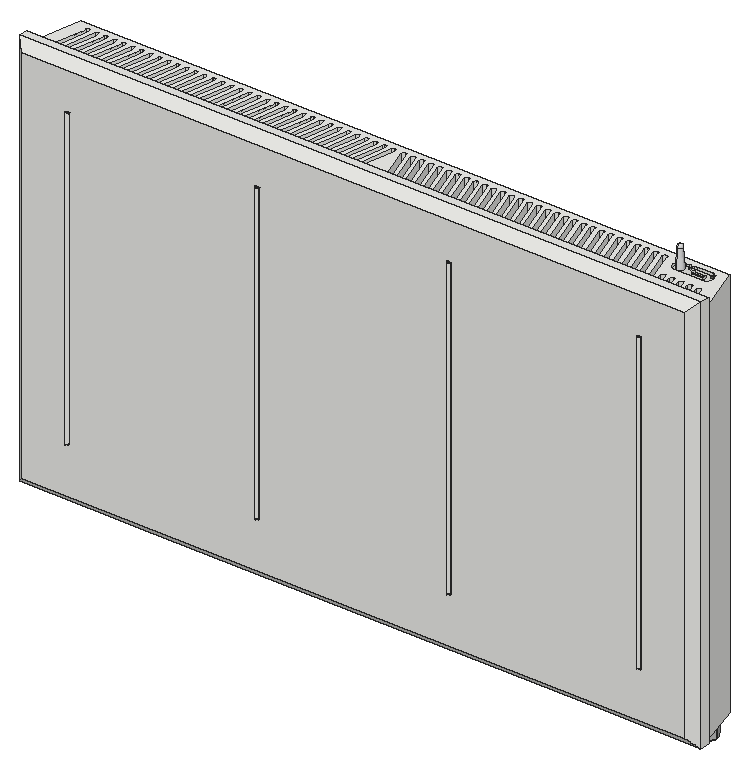
Revit family "MDN 750 RF", category Mechanical Equipment, Revit 2018 (continued)
Forms (mm)
  Extrusion 69, void
    sketch origin (0, 0, 0) x (1, 0, 0) y (0, 1, 0)
      loop
        circle (264, 21) r 2
      loop
        circle (-264, -13) r 2
      loop
        circle (-286, -13) r 2
      loop
        circle (-264, 21) r 2
      loop
        circle (-286, 21) r 2
    from 2 to 7
  Extrusion 70, solid, material "Zwart" <- "Zwart"
    sketch origin (0, 0, 0) x (1, 0, 0) y (0, 1, 0)
      loop
        circle (357, -0.5) r 7
    from 0.5 to 2
  Extrusion 71, solid, material "Metaal" <- "Beugel"
    sketch origin (0, 0, 0) x (1, 0, 0) y (0, 0, 1)
      loop
        line (-201, 412) -> (-201, 402) -> (-222, 402) -> (-222, 367) -> (-22, 367) -> (-22, 32) -> (22, 32) -> (22, 367) -> (222, 367) -> (222, 402) -> (201, 402) -> (201, 412) -> (-201, 412)
      loop
        arc (-3, 51) -> (0, 42) -> (3, 51) r 5
        line (3, 51) -> (3, 62)
        arc (3, 62) -> (0, 65) -> (-3, 62) r 3
        line (-3, 62) -> (-3, 51)
      loop
        arc (-210, 381) -> (-207, 372) -> (-204, 381) r 5
        line (-204, 381) -> (-204, 392)
        arc (-204, 392) -> (-207, 395) -> (-210, 392) r 3
        line (-210, 392) -> (-210, 381)
      loop
        arc (204, 381) -> (207, 372) -> (210, 381) r 5
        line (210, 381) -> (210, 392)
        arc (210, 392) -> (207, 395) -> (204, 392) r 3
        line (204, 392) -> (204, 381)
    from -50.5 to -35.5
  Extrusion 72, void
    sketch origin (0, 0, 0) x (0, 1, 0) y (0, 0, 1)
      loop
        line (50.5, 412) -> (44.5, 412) -> (50.5, 402) -> (50.5, 412)
    from -201 to 201
  Extrusion 73, void
    sketch origin (0, 0, 0) x (0, 1, 0) y (0, 0, 1)
      loop
        line (35.5, 412) -> (35.5, 32.8) -> (49.7, 32.8) -> (49.7, 401.778) -> (43.567, 412) -> (35.5, 412)
    from -221.2 to 221.2
  Blend 74, void
    base sketch origin (0, 0, 0) x (1, 0, 0) y (0, 0, 1)
      loop
        line (314, 388) -> (314, 62) -> (315, 62) -> (315, 388) -> (314, 388)
    top sketch origin (0, 0, 0) x (1, 0, 0) y (0, 0, 1)
      loop
        arc (312, 390) -> (311.293, 389.707) -> (311, 389) r 1
        line (311, 389) -> (311, 61)
        arc (311, 61) -> (311.293, 60.293) -> (312, 60) r 1
        line (312, 60) -> (317, 60)
        arc (317, 60) -> (317.707, 60.293) -> (318, 61) r 1
        line (318, 61) -> (318, 389)
        arc (318, 389) -> (317.707, 389.707) -> (317, 390) r 1
        line (317, 390) -> (312, 390)
    from 34 to 36
  Extrusion 75, void
    sketch origin (0, 0, 0) x (1, 0, 0) y (0, 1, 0)
      loop
        line (343.382, 29.5) -> (313.382, 29.5)
        arc (313.382, 29.5) -> (306.382, 22.5) -> (313.382, 15.5) r 7
        line (313.382, 15.5) -> (343.382, 15.5)
        arc (343.382, 15.5) -> (350.382, 22.5) -> (343.382, 29.5) r 7
    from 425 to 435
Cuts and joins
  Sweep 2, Blend 3, Blend 4, Blend 5, Extrusion 10, Extrusion 11, Blend 74 cuts Extrusion 1
  Extrusion 7, Extrusion 8, Extrusion 9, Extrusion 12, Revolve 13, Revolve 14, Revolve 15, Revolve 16, Revolve 17, Revolve 18, Revolve 19, Revolve 20, Revolve 21, Revolve 22, Revolve 23, Revolve 24, Revolve 25, Revolve 26, Revolve 27, Revolve 28, Revolve 29, Revolve 30, Revolve 31, Revolve 32, Revolve 33, Revolve 34, Revolve 35, Revolve 36, Revolve 37, Revolve 38, Revolve 39, Revolve 40, Revolve 41, Revolve 42, Revolve 43, Revolve 44, Revolve 45, Revolve 46, Revolve 47, Revolve 48, Revolve 49, Revolve 50, Revolve 51, Revolve 52, Revolve 53, Revolve 54, Revolve 55, Revolve 56, Revolve 57, Revolve 58, Revolve 59, Revolve 60, Revolve 61, Revolve 62, Revolve 63, Revolve 64, Revolve 65, Revolve 66, Revolve 67, Revolve 68, Extrusion 69, Extrusion 75 cuts Extrusion 6
  Extrusion 72, Extrusion 73 cuts Extrusion 71
Lines and regions (mm)
  sketch lines
    curve 1: line (375, -35.5, 440) -> (-375, -35.5, 440)
    curve 2: line (375, -35.5, 0) -> (375, -35.5, 440)
    curve 3: line (-375, -35.5, 0) -> (375, -35.5, 0)
    curve 4: line (-375, -35.5, 440) -> (-375, -35.5, 0)
Dimensions and locks
  equal spacing: plane 8, plane 1 "Center (Front/Back)", plane 7
  "Diepte": plane 8 to plane 7
  equal spacing: plane 5, plane 3 "Center (Left/Right)", plane 4
  "Breedte": plane 5 to plane 4
  "Hoogte": plane 6 to level
  aligned and locked: level to plane 2
  aligned and locked: profile plane to Sweep 2 sketch curve  (x2)
Automatic sketch dimensions
  Extrusion 1 sketch curve to level = 0 mm
  Extrusion 1 sketch curve to plane 5 = 0 mm
  Extrusion 1 sketch curve to plane 4 = 0 mm
  Extrusion 1 sketch curve to plane 6 = 0 mm
  profile plane to Sweep 2 sketch curve = 10 mm
  Sweep 2 sketch curve to profile plane = 10 mm
  plane 5 to Blend 3 sketch curve = 60 mm
  Blend 3 sketch curve to Blend 3 sketch curve = 1 mm  (x4)
  plane 13 to Blend 3 sketch curve = 30 mm
  Blend 3 sketch curve to plane 9 = 14 mm
  plane 5 to Blend 3 sketch curve = 57 mm
  Blend 3 sketch curve to Blend 3 sketch curve = 5 mm  (x2)
  plane 13 to Blend 3 sketch curve = 28 mm
  Blend 3 sketch curve to plane 9 = 13 mm
  plane 13 to Blend 4 sketch curve = 30 mm
  Blend 4 sketch curve to plane 17 = 84 mm
  Blend 4 sketch curve to Blend 4 sketch curve = 1 mm  (x4)
  Blend 4 sketch curve to plane 9 = 14 mm
  plane 13 to Blend 4 sketch curve = 29 mm
  Blend 4 sketch curve to plane 17 = 87 mm
  Blend 4 sketch curve to Blend 4 sketch curve = 5 mm  (x2)
  Blend 4 sketch curve to plane 9 = 13 mm
  plane 13 to Blend 5 sketch curve = 30 mm
  plane 18 to Blend 5 sketch curve = 83 mm
  Blend 5 sketch curve to Blend 5 sketch curve = 1 mm  (x4)
  Blend 5 sketch curve to plane 9 = 14 mm
  plane 18 to Blend 5 sketch curve = 80 mm
  Blend 5 sketch curve to Blend 5 sketch curve = 5 mm  (x2)
  plane 13 to Blend 5 sketch curve = 28 mm
  Blend 5 sketch curve to plane 9 = 13 mm
  Extrusion 6 sketch curve to plane 7 = 0 mm
  level to Extrusion 6 sketch curve = 2 mm
  Extrusion 6 sketch curve to plane 8 = 10 mm
  Extrusion 6 sketch curve to plane 6 = 11.98 mm
  Extrusion 6 sketch curve to plane 6 = 6 mm
  plane 7 to Extrusion 7 sketch curve = 0 mm
  Extrusion 7 sketch curve to plane 4 = 17.592 mm
  Extrusion 7 sketch curve to plane 4 = 2 mm
  plane 1 "Center (Front/Back)" to Extrusion 7 sketch curve = 15.5 mm
  plane 7 to Extrusion 8 sketch curve = 0 mm
  Extrusion 8 sketch curve to plane 5 = 17.592 mm
  Extrusion 8 sketch curve to plane 5 = 2 mm
  Extrusion 8 sketch curve to plane 1 "Center (Front/Back)" = 15.5 mm
  Extrusion 10 sketch curve to plane 8 = 10 mm
  plane 12 to Extrusion 10 sketch curve = 31 mm
  plane 1 "Center (Front/Back)" to Extrusion 10 sketch curve = 15.5 mm
  Extrusion 10 sketch curve to Extrusion 10 sketch curve = 44 mm
  plane 8 to Extrusion 11 sketch curve = 10 mm
  plane 11 to Extrusion 11 sketch curve = 31 mm
  Extrusion 11 sketch curve to plane 1 "Center (Front/Back)" = 15.5 mm
  Extrusion 11 sketch curve to Extrusion 11 sketch curve = 44 mm
  plane 5 to Extrusion 12 sketch curve = 25 mm
  Extrusion 12 sketch curve to Extrusion 12 sketch curve = 2.5 mm  (x57)
  Extrusion 12 sketch curve to Extrusion 12 sketch curve = 5 mm  (x48)
  Extrusion 12 sketch curve to plane 11 = 25.033 mm
  Extrusion 12 sketch curve to Extrusion 12 sketch curve = 2.266 mm
  plane 11 to Extrusion 12 sketch curve = 4.5 mm
  plane 14 to Extrusion 12 sketch curve = 3.5 mm
  plane 17 to Extrusion 12 sketch curve = 4.5 mm
  plane 3 "Center (Left/Right)" to Extrusion 12 sketch curve = 2.5 mm
  plane 18 to Extrusion 12 sketch curve = 0.5 mm
  plane 15 to Extrusion 12 sketch curve = 1.5 mm
  plane 12 to Extrusion 12 sketch curve = 0.5 mm
  plane 1 "Center (Front/Back)" to Extrusion 12 sketch curve = 9 mm  (x31)
  Extrusion 12 sketch curve to Extrusion 12 sketch curve = 57.5 mm
  Extrusion 12 sketch curve to Extrusion 12 sketch curve = 0 mm  (x76)
  Extrusion 12 sketch curve to plane 1 "Center (Front/Back)" = 16 mm  (x9)
  plane 7 to Revolve 13 sketch curve = 0 mm  (x2)
  plane 5 to Revolve 13 sketch curve = 30 mm
  Revolve 13 sketch curve to Revolve 13 sketch curve = 2.5 mm  (x3)
  plane 7 to Revolve 13 sketch curve = 12.5 mm
  plane 7 to Revolve 14 sketch curve = 0 mm  (x2)
  plane 5 to Revolve 14 sketch curve = 20 mm
  Revolve 14 sketch curve to Revolve 14 sketch curve = 2.5 mm  (x3)
  plane 7 to Revolve 14 sketch curve = 12.5 mm
  plane 7 to Revolve 15 sketch curve = 0 mm  (x2)
  plane 7 to Revolve 15 sketch curve = 12.5 mm
  plane 5 to Revolve 15 sketch curve = 40 mm
  Revolve 15 sketch curve to Revolve 15 sketch curve = 2.5 mm  (x3)
  plane 7 to Revolve 16 sketch curve = 0 mm  (x2)
  plane 7 to Revolve 16 sketch curve = 12.5 mm
  plane 5 to Revolve 16 sketch curve = 60 mm
  Revolve 16 sketch curve to Revolve 16 sketch curve = 2.5 mm  (x3)
  plane 7 to Revolve 17 sketch curve = 0 mm  (x2)
  plane 7 to Revolve 17 sketch curve = 12.5 mm
  plane 5 to Revolve 17 sketch curve = 50 mm
  Revolve 17 sketch curve to Revolve 17 sketch curve = 2.5 mm  (x3)
  plane 7 to Revolve 18 sketch curve = 0 mm  (x2)
  plane 7 to Revolve 18 sketch curve = 12.5 mm
  Revolve 18 sketch curve to plane 4 = 60 mm
  Revolve 18 sketch curve to Revolve 18 sketch curve = 2.5 mm  (x3)
  plane 7 to Revolve 19 sketch curve = 0 mm  (x2)
  plane 7 to Revolve 19 sketch curve = 12.5 mm
  Revolve 19 sketch curve to plane 4 = 50 mm
  Revolve 19 sketch curve to Revolve 19 sketch curve = 2.5 mm  (x3)
  plane 7 to Revolve 20 sketch curve = 0 mm  (x2)
  Revolve 20 sketch curve to plane 11 = 10.5 mm
  Revolve 20 sketch curve to Revolve 20 sketch curve = 2.5 mm  (x3)
  plane 7 to Revolve 20 sketch curve = 12.5 mm
  plane 7 to Revolve 21 sketch curve = 0 mm  (x2)
  Revolve 21 sketch curve to plane 11 = 20.5 mm
  Revolve 21 sketch curve to Revolve 21 sketch curve = 2.5 mm  (x3)
  plane 7 to Revolve 21 sketch curve = 12.5 mm
  plane 7 to Revolve 22 sketch curve = 0 mm  (x2)
  Revolve 22 sketch curve to plane 11 = 0.5 mm
  plane 11 to Revolve 22 sketch curve = 2 mm
  plane 7 to Revolve 22 sketch curve = 12.5 mm
  Revolve 22 sketch curve to Revolve 22 sketch curve = 2.5 mm  (x2)
  plane 7 to Revolve 23 sketch curve = 0 mm  (x2)
  Revolve 23 sketch curve to plane 14 = 1.5 mm
  plane 14 to Revolve 23 sketch curve = 1 mm
  plane 7 to Revolve 23 sketch curve = 12.5 mm
  Revolve 23 sketch curve to Revolve 23 sketch curve = 2.5 mm  (x2)
  plane 7 to Revolve 24 sketch curve = 0 mm  (x2)
  plane 11 to Revolve 24 sketch curve = 9.5 mm
  Revolve 24 sketch curve to Revolve 24 sketch curve = 2.5 mm  (x3)
  plane 7 to Revolve 24 sketch curve = 12.5 mm
  plane 7 to Revolve 25 sketch curve = 0 mm  (x2)
  plane 14 to Revolve 25 sketch curve = 18.5 mm
  Revolve 25 sketch curve to Revolve 25 sketch curve = 2.5 mm  (x3)
  plane 7 to Revolve 25 sketch curve = 12.5 mm
  plane 7 to Revolve 26 sketch curve = 0 mm  (x2)
  plane 14 to Revolve 26 sketch curve = 8.5 mm
  Revolve 26 sketch curve to Revolve 26 sketch curve = 2.5 mm  (x3)
  plane 7 to Revolve 26 sketch curve = 12.5 mm
  plane 7 to Revolve 27 sketch curve = 0 mm  (x2)
  plane 14 to Revolve 27 sketch curve = 28.5 mm
  Revolve 27 sketch curve to Revolve 27 sketch curve = 2.5 mm  (x3)
  plane 7 to Revolve 27 sketch curve = 12.5 mm
  plane 7 to Revolve 28 sketch curve = 0 mm  (x2)
  plane 7 to Revolve 28 sketch curve = 12.5 mm
  plane 14 to Revolve 28 sketch curve = 48.5 mm
  Revolve 28 sketch curve to Revolve 28 sketch curve = 2.5 mm  (x3)
  plane 7 to Revolve 29 sketch curve = 0 mm  (x2)
  plane 7 to Revolve 29 sketch curve = 12.5 mm
  plane 14 to Revolve 29 sketch curve = 38.5 mm
  Revolve 29 sketch curve to Revolve 29 sketch curve = 2.5 mm  (x3)
  plane 7 to Revolve 30 sketch curve = 0 mm  (x2)
  plane 7 to Revolve 30 sketch curve = 12.5 mm
  plane 14 to Revolve 30 sketch curve = 68.5 mm
  Revolve 30 sketch curve to Revolve 30 sketch curve = 2.5 mm  (x3)
  plane 7 to Revolve 31 sketch curve = 0 mm  (x2)
  plane 7 to Revolve 31 sketch curve = 12.5 mm
  plane 14 to Revolve 31 sketch curve = 58.5 mm
  Revolve 31 sketch curve to Revolve 31 sketch curve = 2.5 mm  (x3)
  plane 7 to Revolve 32 sketch curve = 0 mm  (x2)
  plane 7 to Revolve 32 sketch curve = 12.5 mm
  plane 14 to Revolve 32 sketch curve = 78.5 mm
  Revolve 32 sketch curve to Revolve 32 sketch curve = 2.5 mm  (x3)
  plane 7 to Revolve 33 sketch curve = 0 mm  (x2)
  plane 7 to Revolve 33 sketch curve = 12.5 mm
  Revolve 33 sketch curve to plane 17 = 80.5 mm
  Revolve 33 sketch curve to Revolve 33 sketch curve = 2.5 mm  (x3)
  plane 7 to Revolve 34 sketch curve = 0 mm  (x2)
  plane 7 to Revolve 34 sketch curve = 12.5 mm
  plane 14 to Revolve 34 sketch curve = 88.5 mm
  Revolve 34 sketch curve to Revolve 34 sketch curve = 2.5 mm  (x3)
  plane 7 to Revolve 35 sketch curve = 0 mm  (x2)
  plane 7 to Revolve 35 sketch curve = 12.5 mm
  Revolve 35 sketch curve to plane 17 = 60.5 mm
  Revolve 35 sketch curve to Revolve 35 sketch curve = 2.5 mm  (x3)
  plane 7 to Revolve 36 sketch curve = 0 mm  (x2)
  plane 7 to Revolve 36 sketch curve = 12.5 mm
  Revolve 36 sketch curve to plane 17 = 70.5 mm
  Revolve 36 sketch curve to Revolve 36 sketch curve = 2.5 mm  (x3)
  plane 7 to Revolve 37 sketch curve = 0 mm  (x2)
  plane 7 to Revolve 37 sketch curve = 12.5 mm
  Revolve 37 sketch curve to plane 17 = 50.5 mm
  Revolve 37 sketch curve to Revolve 37 sketch curve = 2.5 mm  (x3)
  plane 7 to Revolve 38 sketch curve = 0 mm  (x2)
  Revolve 38 sketch curve to plane 17 = 30.5 mm
  Revolve 38 sketch curve to Revolve 38 sketch curve = 2.5 mm  (x3)
  plane 7 to Revolve 38 sketch curve = 12.5 mm
  plane 7 to Revolve 39 sketch curve = 0 mm  (x2)
  plane 7 to Revolve 39 sketch curve = 12.5 mm
  Revolve 39 sketch curve to plane 17 = 40.5 mm
  Revolve 39 sketch curve to Revolve 39 sketch curve = 2.5 mm  (x3)
  plane 7 to Revolve 40 sketch curve = 0 mm  (x2)
  Revolve 40 sketch curve to plane 17 = 10.5 mm
  Revolve 40 sketch curve to Revolve 40 sketch curve = 2.5 mm  (x3)
  plane 7 to Revolve 40 sketch curve = 12.5 mm
  plane 7 to Revolve 41 sketch curve = 0 mm  (x2)
  Revolve 41 sketch curve to plane 17 = 20.5 mm
  Revolve 41 sketch curve to Revolve 41 sketch curve = 2.5 mm  (x3)
  plane 7 to Revolve 41 sketch curve = 12.5 mm
  plane 7 to Revolve 42 sketch curve = 0 mm  (x2)
  Revolve 42 sketch curve to plane 17 = 0.5 mm
  plane 17 to Revolve 42 sketch curve = 2 mm
  plane 7 to Revolve 42 sketch curve = 12.5 mm
  Revolve 42 sketch curve to Revolve 42 sketch curve = 2.5 mm  (x2)
  plane 7 to Revolve 43 sketch curve = 0 mm  (x2)
  Revolve 43 sketch curve to plane 3 "Center (Left/Right)" = 0 mm
  Revolve 43 sketch curve to plane 3 "Center (Left/Right)" = 2.5 mm
  plane 7 to Revolve 43 sketch curve = 12.5 mm
  Revolve 43 sketch curve to Revolve 43 sketch curve = 2.5 mm  (x2)
  plane 7 to Revolve 44 sketch curve = 0 mm  (x2)
  plane 17 to Revolve 44 sketch curve = 9.5 mm
  Revolve 44 sketch curve to Revolve 44 sketch curve = 2.5 mm  (x3)
  plane 7 to Revolve 44 sketch curve = 12.5 mm
  plane 7 to Revolve 45 sketch curve = 0 mm  (x2)
  Revolve 45 sketch curve to plane 18 = 4.5 mm
  Revolve 45 sketch curve to plane 18 = 2 mm
  plane 7 to Revolve 45 sketch curve = 12.5 mm
  Revolve 45 sketch curve to Revolve 45 sketch curve = 2.5 mm  (x2)
  plane 7 to Revolve 46 sketch curve = 0 mm  (x2)
  plane 3 "Center (Left/Right)" to Revolve 46 sketch curve = 7.5 mm
  Revolve 46 sketch curve to Revolve 46 sketch curve = 2.5 mm  (x3)
  plane 7 to Revolve 46 sketch curve = 12.5 mm
  plane 7 to Revolve 47 sketch curve = 0 mm  (x2)
  plane 18 to Revolve 47 sketch curve = 5.5 mm
  Revolve 47 sketch curve to Revolve 47 sketch curve = 2.5 mm  (x3)
  plane 7 to Revolve 47 sketch curve = 12.5 mm
  plane 7 to Revolve 48 sketch curve = 0 mm  (x2)
  plane 18 to Revolve 48 sketch curve = 25.5 mm
  Revolve 48 sketch curve to Revolve 48 sketch curve = 2.5 mm  (x3)
  plane 7 to Revolve 48 sketch curve = 12.5 mm
  plane 7 to Revolve 49 sketch curve = 0 mm  (x2)
  plane 18 to Revolve 49 sketch curve = 15.5 mm
  Revolve 49 sketch curve to Revolve 49 sketch curve = 2.5 mm  (x3)
  plane 7 to Revolve 49 sketch curve = 12.5 mm
  plane 7 to Revolve 50 sketch curve = 0 mm  (x2)
  plane 7 to Revolve 50 sketch curve = 12.5 mm
  plane 18 to Revolve 50 sketch curve = 45.5 mm
  Revolve 50 sketch curve to Revolve 50 sketch curve = 2.5 mm  (x3)
  plane 7 to Revolve 51 sketch curve = 0 mm  (x2)
  plane 18 to Revolve 51 sketch curve = 35.5 mm
  Revolve 51 sketch curve to Revolve 51 sketch curve = 2.5 mm  (x3)
  plane 7 to Revolve 51 sketch curve = 12.5 mm
  plane 7 to Revolve 52 sketch curve = 0 mm  (x2)
  plane 7 to Revolve 52 sketch curve = 12.5 mm
  plane 18 to Revolve 52 sketch curve = 55.5 mm
  Revolve 52 sketch curve to Revolve 52 sketch curve = 2.5 mm  (x3)
  plane 7 to Revolve 53 sketch curve = 0 mm  (x2)
  plane 7 to Revolve 53 sketch curve = 12.5 mm
  plane 18 to Revolve 53 sketch curve = 75.5 mm
  Revolve 53 sketch curve to Revolve 53 sketch curve = 2.5 mm  (x3)
  plane 7 to Revolve 54 sketch curve = 0 mm  (x2)
  plane 7 to Revolve 54 sketch curve = 12.5 mm
  plane 18 to Revolve 54 sketch curve = 65.5 mm
  Revolve 54 sketch curve to Revolve 54 sketch curve = 2.5 mm  (x3)
  plane 7 to Revolve 55 sketch curve = 0 mm  (x2)
  plane 7 to Revolve 55 sketch curve = 12.5 mm
  Revolve 55 sketch curve to plane 15 = 83.5 mm
  Revolve 55 sketch curve to Revolve 55 sketch curve = 2.5 mm  (x3)
  plane 7 to Revolve 56 sketch curve = 0 mm  (x2)
  plane 7 to Revolve 56 sketch curve = 12.5 mm
  plane 18 to Revolve 56 sketch curve = 85.5 mm
  Revolve 56 sketch curve to Revolve 56 sketch curve = 2.5 mm  (x3)
  plane 7 to Revolve 57 sketch curve = 0 mm  (x2)
  plane 7 to Revolve 57 sketch curve = 12.5 mm
  Revolve 57 sketch curve to plane 15 = 73.5 mm
  Revolve 57 sketch curve to Revolve 57 sketch curve = 2.5 mm  (x3)
  plane 7 to Revolve 58 sketch curve = 0 mm  (x2)
  plane 7 to Revolve 58 sketch curve = 12.5 mm
  Revolve 58 sketch curve to plane 15 = 53.5 mm
  Revolve 58 sketch curve to Revolve 58 sketch curve = 2.5 mm  (x3)
  plane 7 to Revolve 59 sketch curve = 0 mm  (x2)
  plane 7 to Revolve 59 sketch curve = 12.5 mm
  Revolve 59 sketch curve to plane 15 = 63.5 mm
  Revolve 59 sketch curve to Revolve 59 sketch curve = 2.5 mm  (x3)
  plane 7 to Revolve 60 sketch curve = 0 mm  (x2)
  Revolve 60 sketch curve to plane 15 = 33.5 mm
  Revolve 60 sketch curve to Revolve 60 sketch curve = 2.5 mm  (x3)
  plane 7 to Revolve 60 sketch curve = 12.5 mm
  plane 7 to Revolve 61 sketch curve = 0 mm  (x2)
  plane 7 to Revolve 61 sketch curve = 12.5 mm
  Revolve 61 sketch curve to plane 15 = 43.5 mm
  Revolve 61 sketch curve to Revolve 61 sketch curve = 2.5 mm  (x3)
  plane 7 to Revolve 62 sketch curve = 0 mm  (x2)
  Revolve 62 sketch curve to plane 15 = 23.5 mm
  Revolve 62 sketch curve to Revolve 62 sketch curve = 2.5 mm  (x3)
  plane 7 to Revolve 62 sketch curve = 12.5 mm
  plane 7 to Revolve 63 sketch curve = 0 mm  (x2)
  Revolve 63 sketch curve to plane 15 = 3.5 mm
  Revolve 63 sketch curve to plane 15 = 1 mm
  plane 7 to Revolve 63 sketch curve = 12.5 mm
  Revolve 63 sketch curve to Revolve 63 sketch curve = 2.5 mm  (x2)
  plane 7 to Revolve 64 sketch curve = 0 mm  (x2)
  Revolve 64 sketch curve to plane 15 = 13.5 mm
  Revolve 64 sketch curve to Revolve 64 sketch curve = 2.5 mm  (x3)
  plane 7 to Revolve 64 sketch curve = 12.5 mm
  plane 7 to Revolve 65 sketch curve = 0 mm  (x2)
  Revolve 65 sketch curve to plane 12 = 4.5 mm
  Revolve 65 sketch curve to plane 12 = 2 mm
  plane 7 to Revolve 65 sketch curve = 12.5 mm
  Revolve 65 sketch curve to Revolve 65 sketch curve = 2.5 mm  (x2)
  plane 7 to Revolve 66 sketch curve = 0 mm  (x2)
  plane 15 to Revolve 66 sketch curve = 6.5 mm
  Revolve 66 sketch curve to Revolve 66 sketch curve = 2.5 mm  (x3)
  plane 7 to Revolve 66 sketch curve = 12.5 mm
  plane 7 to Revolve 67 sketch curve = 0 mm  (x2)
  plane 12 to Revolve 67 sketch curve = 5.5 mm
  Revolve 67 sketch curve to Revolve 67 sketch curve = 2.5 mm  (x3)
  plane 7 to Revolve 67 sketch curve = 12.5 mm
  plane 7 to Revolve 68 sketch curve = 0 mm  (x2)
  plane 12 to Revolve 68 sketch curve = 15.5 mm
  Revolve 68 sketch curve to Revolve 68 sketch curve = 2.5 mm  (x3)
  plane 7 to Revolve 68 sketch curve = 12.5 mm
  plane 1 "Center (Front/Back)" to Extrusion 69 sketch curve = 13 mm  (x4)
  Extrusion 69 sketch curve to plane 11 = 64 mm
  plane 7 to Extrusion 69 sketch curve = 14.5 mm  (x4)
  Extrusion 69 sketch curve to Extrusion 69 sketch curve = 0 mm  (x2)
  Extrusion 69 sketch curve to Extrusion 69 sketch curve = 22 mm  (x4)
  plane 12 to Extrusion 69 sketch curve = 42 mm
  plane 1 "Center (Front/Back)" to Extrusion 70 sketch curve = 0.5 mm
  Extrusion 70 sketch curve to plane 4 = 18 mm
  Extrusion 71 sketch curve to plane 11 = 0 mm
  Extrusion 71 sketch curve to plane 10 = 0 mm
  Extrusion 71 sketch curve to plane 14 = 0 mm
  Extrusion 71 sketch curve to plane 13 = 0 mm
  Extrusion 71 sketch curve to plane 17 = 0 mm
  Extrusion 71 sketch curve to plane 3 "Center (Left/Right)" = 0 mm  (x2)
  Extrusion 71 sketch curve to plane 18 = 0 mm
  Extrusion 71 sketch curve to plane 15 = 0 mm
  Extrusion 71 sketch curve to plane 12 = 0 mm
  Extrusion 71 sketch curve to plane 16 = 0 mm  (x2)
  Extrusion 71 sketch curve to plane 9 = 0 mm  (x2)
  Extrusion 71 sketch curve to plane 14 = 9 mm
  Extrusion 71 sketch curve to Extrusion 71 sketch curve = 3 mm  (x4)
  Extrusion 71 sketch curve to plane 3 "Center (Left/Right)" = 3 mm
  plane 15 to Extrusion 71 sketch curve = 3 mm
  plane 13 to Extrusion 71 sketch curve = 15 mm
  Extrusion 71 sketch curve to Extrusion 71 sketch curve = 4 mm  (x3)
  Extrusion 71 sketch curve to Extrusion 71 sketch curve = 11 mm
  plane 16 to Extrusion 71 sketch curve = 10 mm  (x2)
  Extrusion 71 sketch curve to plane 9 = 10 mm  (x2)
  Extrusion 72 sketch curve to plane 10 = 0 mm
  Extrusion 72 sketch curve to plane 9 = 0 mm
  Extrusion 72 sketch curve to plane 7 = 9 mm
  Extrusion 72 sketch curve to Extrusion 72 sketch curve = 6 mm
  Extrusion 73 sketch curve to plane 7 = 0 mm
  Extrusion 73 sketch curve to plane 10 = 0 mm
  Extrusion 73 sketch curve to plane 7 = 8.067 mm
  Extrusion 73 sketch curve to plane 9 = 0.222 mm
  Extrusion 73 sketch curve to Extrusion 73 sketch curve = 6.133 mm
  plane 13 to Extrusion 73 sketch curve = 0.8 mm
  plane 13 to Blend 74 sketch curve = 30 mm
  Blend 74 sketch curve to plane 4 = 61 mm
  Blend 74 sketch curve to Blend 74 sketch curve = 1 mm  (x4)
  Blend 74 sketch curve to plane 9 = 14 mm
  Blend 74 sketch curve to plane 4 = 64 mm
  Blend 74 sketch curve to Blend 74 sketch curve = 5 mm  (x2)
  plane 13 to Blend 74 sketch curve = 28 mm
  Blend 74 sketch curve to plane 9 = 13 mm
  plane 1 "Center (Front/Back)" to Extrusion 9 sketch curve = 6.378 mm  (x58)
  plane 5 to Extrusion 9 sketch curve = 19.789 mm
  Extrusion 9 sketch curve to Extrusion 9 sketch curve = 2.391 mm  (x270)
  plane 1 "Center (Front/Back)" to Extrusion 9 sketch curve = 7.84 mm  (x67)
  Extrusion 9 sketch curve to Extrusion 9 sketch curve = 5.118 mm  (x123)
  plane 7 to Extrusion 9 sketch curve = 8.408 mm  (x48)
  plane 5 to Extrusion 9 sketch curve = 30.022 mm
  plane 7 to Extrusion 9 sketch curve = 9.87 mm  (x59)
  Extrusion 9 sketch curve to plane 11 = 4.511 mm
  Extrusion 9 sketch curve to plane 11 = 4.178 mm
  Extrusion 9 sketch curve to plane 11 = 2.12 mm
  Extrusion 9 sketch curve to plane 11 = 1.787 mm
  plane 11 to Extrusion 9 sketch curve = 0.27 mm
  plane 11 to Extrusion 9 sketch curve = 0.603 mm
  Extrusion 9 sketch curve to plane 14 = 0.93 mm
  Extrusion 9 sketch curve to plane 14 = 0.597 mm
  plane 14 to Extrusion 9 sketch curve = 4.189 mm
  plane 14 to Extrusion 9 sketch curve = 4.522 mm
  Extrusion 9 sketch curve to plane 17 = 1.73 mm
  Extrusion 9 sketch curve to plane 17 = 1.397 mm
  plane 17 to Extrusion 9 sketch curve = 3.389 mm
  plane 17 to Extrusion 9 sketch curve = 3.722 mm
  plane 3 "Center (Left/Right)" to Extrusion 9 sketch curve = 3.597 mm
  Extrusion 9 sketch curve to plane 18 = 8.17 mm
  plane 18 to Extrusion 9 sketch curve = 1.397 mm
  plane 18 to Extrusion 9 sketch curve = 1.73 mm
  plane 15 to Extrusion 9 sketch curve = 0.597 mm
  plane 15 to Extrusion 9 sketch curve = 0.93 mm
  Extrusion 9 sketch curve to plane 12 = 0.603 mm
  Extrusion 9 sketch curve to plane 12 = 0.27 mm
  plane 12 to Extrusion 9 sketch curve = 1.787 mm
  plane 12 to Extrusion 9 sketch curve = 2.12 mm
  plane 7 to Extrusion 9 sketch curve = 33.777 mm  (x4)
  Extrusion 9 sketch curve to Extrusion 9 sketch curve = 12.428 mm
  plane 7 to Extrusion 9 sketch curve = 32.315 mm  (x5)
  Extrusion 9 sketch curve to Extrusion 9 sketch curve = 1.462 mm  (x8)
  Extrusion 9 sketch curve to Extrusion 9 sketch curve = 0.731 mm  (x29)
  Extrusion 9 sketch curve to Extrusion 9 sketch curve = 0 mm
  Extrusion 9 sketch curve to plane 1 "Center (Front/Back)" = 1.723 mm
  plane 7 to Extrusion 75 sketch curve = 6 mm
  Extrusion 75 sketch curve to plane 4 = 61.618 mm
  Extrusion 75 sketch curve to Extrusion 75 sketch curve = 7 mm
  Extrusion 75 sketch curve to Extrusion 75 sketch curve = 30 mm
  radius of Extrusion 69 sketch curve = 2 mm  (x8)
  radius of Extrusion 70 sketch curve = 7 mm
Nested families
  nested 1: "Aansluiting 1" at (345, 20.5, -19), type "Aansluiting 1"
  nested 2: "RF Ontvanger" at (328.382, 29.5, 425), type "RF Ontvanger"
Connectors
  electrical at (345, 20.5, -14), driven by "Phase", driven by "Power (default)", driven by "Voltage"
    settings: on nested 1, index 1, voltage 230 V, apparent load 750 VA, apparent load phase1 0 VA, apparent load phase2 0 VA, apparent load phase3 0 VA, power factor 1, load classification "Other", number of poles 1, system type 30, power factor state 1, is connector primary yes, connector utility no, sub classification motor no, connector description ""
Definition of nested family "Aansluiting 1"
  Parameters (values of type "Aansluiting 1")
    Licht grijs = none
  Reference planes
    plane 1 "Center (Front/Back)": y = 0
    plane 2: z = 0
    plane 3 "Center (Left/Right)": x = 0
    plane 4: z = 21
  Forms (mm)
    Extrusion 1, solid, material <- "Licht grijs"
      sketch origin (0, 0, 0) x (1, 0, 0) y (0, 1, 0)
        loop
          line (-6.321, 9.053) -> (-11, 0.947) -> (-11, -0.947) -> (-6.321, -9.053) -> (-4.679, -10) -> (4.679, -10) -> (6.321, -9.053) -> (11, -0.947) -> (11, 0.947) -> (6.321, 9.053) -> (4.679, 10) -> (-4.679, 10) -> (-6.321, 9.053)
      from 16 to 21
    Extrusion 2, solid, material <- "Licht grijs"
      sketch origin (0, 0, 0) x (1, 0, 0) y (0, 1, 0)
        loop
          circle (0, 0) r 7
      from 14 to 16
    Extrusion 3, solid, material <- "Licht grijs"
      sketch origin (0, 0, 0) x (1, 0, 0) y (0, 1, 0)
        loop
          line (-6.321, 9.053) -> (-11, 0.947) -> (-11, -0.947) -> (-6.321, -9.053) -> (-4.679, -10) -> (4.679, -10) -> (6.321, -9.053) -> (11, -0.947) -> (11, 0.947) -> (6.321, 9.053) -> (4.679, 10) -> (-4.679, 10) -> (-6.321, 9.053)
      from -0.5 to 14
    Revolve 4, void
      sketch origin (0, 0, 0) x (1, 0, 0) y (0, 0, 1)
        loop
          line (-5.547, 0.004) -> (-6.347, 0.004)
          arc (-6.347, 0.004) -> (-10.354, 1.435) -> (-12.547, 5.081) r 6.324
          line (-12.547, 5.081) -> (-12.547, -1) -> (0, -1) -> (0, 5) -> (-5.547, 5) -> (-5.547, 0.004)
        axis (0, 5.081) -> (0, -1)
      angle from 0 to 360
  Cuts and joins
    Revolve 4 cuts Extrusion 3
  Dimensions and locks
    aligned and locked: level to plane 2
Definition of nested family "RF Ontvanger"
  Parameters (values of type "RF Ontvanger")
    Colour 4 = none
    Colour 3 = none
    Colour 2 = none
    Colour 1 = none
  Reference planes
    plane 1 "Center (Front/Back)": y = 0
    plane 2: z = 0
    plane 3 "Center (Left/Right)": x = 0
  Forms (mm)
    Extrusion 1, solid, material <- "Colour 1"
      sketch origin (-181, -29.5, -735) x (1, 0, 0) y (0, 1, 0)
        loop
          line (196, 29.5) -> (166, 29.5)
          arc (166, 29.5) -> (159, 22.5) -> (166, 15.5) r 7
          line (166, 15.5) -> (196, 15.5)
          arc (196, 15.5) -> (203, 22.5) -> (196, 29.5) r 7
      from 735 to 741
    Revolve 2, solid, material <- "Colour 4"
      sketch origin (-15, -29.5, -735) x (0, 1, 0) y (0, 0, 1)
        loop
          line (22.5, 741) -> (22.5, 765)
          arc (22.5, 765) -> (20.626, 764.224) -> (19.849, 762.349) r 2.651
          line (19.849, 762.349) -> (18.5, 741) -> (22.5, 741)
        axis (22.5, 741) -> (22.5, 765)
      angle from 0 to 360
    Extrusion 3, solid, material <- "Colour 2"
      sketch origin (-181, -29.5, -735) x (1, 0, 0) y (0, 1, 0)
        loop
          line (192, 24.5) -> (181, 24.5)
          arc (181, 24.5) -> (179, 22.5) -> (181, 20.5) r 2
          line (181, 20.5) -> (192, 20.5)
          arc (192, 20.5) -> (194, 22.5) -> (192, 24.5) r 2
      from 741 to 742
    Revolve 4, solid, material <- "Colour 3"
      sketch origin (-6.5, -29.5, -735) x (0, 1, 0) y (0, 0, 1)
        loop
          line (26, 742.5) -> (26, 741) -> (27.5, 741)
          arc (27.5, 741) -> (27.061, 742.061) -> (26, 742.5) r 1.5
        axis (26, 741) -> (26, 742.5)
      angle from 0 to 360
    Revolve 5, solid, material <- "Colour 3"
      sketch origin (17.5, -29.5, -735) x (0, 1, 0) y (0, 0, 1)
        loop
          line (26, 742.5) -> (26, 741) -> (27.5, 741)
          arc (27.5, 741) -> (27.061, 742.061) -> (26, 742.5) r 1.5
        axis (26, 741) -> (26, 742.5)
      angle from 0 to 360
  Dimensions and locks
    aligned and locked: level to plane 2
